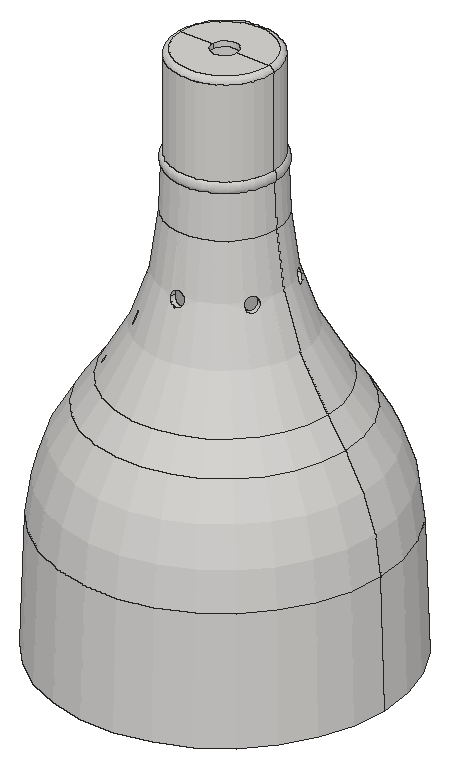
Revit family "FW600 SHADE", category Lighting Fixtures, Revit 2024
Family settings
  Round Connector Dimension = Use Diameter
  Part Type = Normal
  OmniClass Number = 23.80.70.00
  OmniClass Title = Lighting
  Work Plane-Based = No
  Always vertical = Yes
  Cut with Voids When Loaded = No
  Light Source = Yes
  Maintain Annotation Orientation = No
  Shared = No
  Room Calculation Point = No
Parameters
  Wattage = 12.1178 W
  built-in parameter 1150110 = 1 (stored number, unit not read)
  built-in parameter 1114217 = 1 (stored number, unit not read)
  built-in parameter 1150109 = 1 (stored number, unit not read)
  built-in parameter 1150134 = (empty or 0)
  built-in parameter 1150113 = 1 (stored number, unit not read)
  Lumens = 1800 lm
  built-in parameter 1150115 = 1 (stored number, unit not read)
  built-in parameter 1150105 = 572.96 (stored number, unit not read)
  Light Source Symbol Size = 2' - 0"
  built-in parameter 1150137 = (empty or 0)
  built-in parameter 1150139 = (empty or 0)
  built-in parameter 1150112 = 1 (stored number, unit not read)
  built-in parameter 1150114 = 1 (stored number, unit not read)
  built-in parameter 1150132 = 2
  built-in parameter 1150102 = (empty or 0)
  built-in parameter 1150138 = (empty or 0)
  built-in parameter 1150107 = 3000 (stored number, unit not read)
  built-in parameter 1150106 = 5.7296 (stored number, unit not read)
  built-in parameter 1150104 = 13.8 (stored number, unit not read)
  Dimming Lamp Color Temperature Shift = (empty or 0)
  Default Elevation = 0' - 0"
  Color Filter = 16777215
  built-in parameter 1114218 = 1 (stored number, unit not read)
  built-in parameter 1150133 = 10 (stored number, unit not read)
Reference planes (in)
  plane 1 "Light Source Axis (F/B)": y = 0
  plane 2: z = 0
  plane 3 "Light Source Axis (L/R)": x = 0
  plane 4 "Light Source Elevation": z = 84
Forms (in)
  Revolve 1, solid, material "58"
    sketch origin (0, 0, 0) x (1, 0, 0) y (0, 0, 1)
      loop
        line (-0.95319, 94.4) -> (-0.95319, 92.7)
        spline (-0.95319, 92.7) -> (-0.96462, 92.69767) -> (-0.97552, 92.6908) -> (-0.98538, 92.67971) -> (-0.99375, 92.66491) -> (-1.00022, 92.64708) -> (-1.00451, 92.62707) -> (-1.00641, 92.6058) -> (-1.00584, 92.58425) -> (-1.00281, 92.56344) -> (-0.99748, 92.54433) -> (-0.99008, 92.52782) -> (-0.98097, 92.51465)
        line (-0.98097, 92.51465) -> (-1.00982, 91.68874)
        arc (-1.00982, 91.68874) -> (-1.29264, 90.16273) -> (-2.00928, 88.78609) r 5.25
        line (-2.00928, 88.78609) -> (-2.37057, 88.28881)
        arc (-2.37057, 88.28881) -> (-2.85824, 87.352) -> (-3.05071, 86.31354) r 3.57265
        line (-3.05071, 86.31354) -> (-3.1315, 84) -> (-3.03769, 84) -> (-2.95702, 86.31027)
        arc (-2.95702, 86.31027) -> (-2.7696, 87.32148) -> (-2.29473, 88.23371) r 3.4789
        line (-2.29473, 88.23371) -> (-1.93343, 88.73098)
        arc (-1.93343, 88.73098) -> (-1.204, 90.13221) -> (-0.91612, 91.68547) r 5.34375
        line (-0.91612, 91.68547) -> (-0.88715, 92.51515) -> (-0.85944, 92.7) -> (-0.85944, 94.40625) -> (-0.23819, 94.40625) -> (-0.23819, 94.5) -> (-0.85319, 94.5)
        arc (-0.85319, 94.5) -> (-0.9239, 94.47071) -> (-0.95319, 94.4) r 0.1
      axis (0, 94.5) -> (0, 84)
    angle from 0 to 360
  Extrusion 2, void
    sketch origin (0, 0, 0) x (1, 0, 0) y (0, 0, 1)
      loop
        circle (0, 90.61943) r 0.13583
    from 0 to 12
  Extrusion 3, void
    sketch origin (0, 0, 0) x (0.5, -0.866025, 0) y (0, 0, 1)
      loop
        circle (0, 90.61943) r 0.13583
    from 0 to 12
  Extrusion 4, void
    sketch origin (0, 0, 0) x (0.5, 0.866025, 0) y (0, 0, 1)
      loop
        circle (0, 90.61943) r 0.13583
    from 0 to 12
  Extrusion 5, void
    sketch origin (0, 0, 0) x (-0.5, 0.866025, 0) y (0, 0, 1)
      loop
        circle (0, 90.61943) r 0.13583
    from 0 to 12
  Extrusion 6, void
    sketch origin (0, 0, 0) x (-1, 0, 0) y (0, 0, 1)
      loop
        circle (0, 90.61943) r 0.13583
    from 0 to 12
  Extrusion 7, void
    sketch origin (0, 0, 0) x (-0.5, -0.866025, 0) y (0, 0, 1)
      loop
        circle (0, 90.61943) r 0.13583
    from 0 to 12
Cuts and joins
  Extrusion 2, Extrusion 3, Extrusion 4, Extrusion 5, Extrusion 6, Extrusion 7 cuts Revolve 1
Dimensions and locks (in)
  aligned and locked: plane 3 "Light Source Axis (L/R)" to imposter light
  aligned and locked: plane 1 "Light Source Axis (F/B)" to imposter light
  aligned and locked: plane 4 "Light Source Elevation" to imposter light
  aligned and locked: level to plane 2
